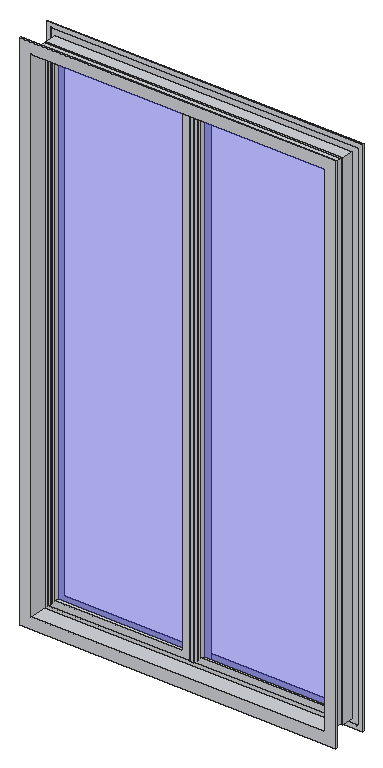
Revit family "1450S_Fixed Single Vertical Rail", category Windows, host Wall, Revit 2023
Family settings
  Host = Wall
  OmniClass Number = 23.30.20.00
  OmniClass Title = Windows
  Always vertical = Yes
  Cut with Voids When Loaded = No
  Shared = No
  Room Calculation Point = No
Parameters
  Left Bay Width = 1' - 3 7/8"
  Height = 5' - 0"
  Glass Material = Glass
  Frame Material = none
  Depth From Exterior = 0' - 2"
  Default Sill Height = 3' - 0"
  Wall Closure = By host
  Width = 3' - 0"
Reference planes (in)
  plane 1 "Center (Front/Back)": y = 0
  plane 2: z = 0
  plane 3 "Center (Left/Right)": x = 0
  plane 4 "Left": x = -18
  plane 5 "Right": x = 18
  plane 6 "Sill": z = 36
  plane 7 "Top": z = 96
  plane 8: y = 3
  plane 9: y = 1
  plane 10: y = -0.637
  plane 11: y = -1
  plane 12: y = 1
  plane 13: y = -1
  plane 14: x = 0.45486
  plane 15: x = 0.28472
  plane 16: x = 16.32986
  plane 17: y = -0.53574
  plane 18: y = -1
  plane 19: y = -0.53574
  plane 20: y = -1
Forms (in)
  Sweep 1, solid
    path origin (0, 0, 0) x (1, 0, 0) y (0, 0, 1)
      loop
        line (18, 36) -> (18, 96) -> (-18, 96) -> (-18, 36) -> (18, 36)
    profile origin (0, 0, 36) x (0, 0, -1) y (0, -1, 0)
      loop
        line (0, -1) -> (0, -0.826) -> (-0.436, -0.826) -> (-0.436, -0.87556) -> (-1.375, -0.87556) -> (-1.375, -0.76809) -> (-1.25514, -0.70535) -> (-1.06266, -0.70535) -> (-1.06266, 0.70402) -> (-1.25259, 0.70402) -> (-1.375, 0.76809) -> (-1.375, 0.875) -> (-1.125, 0.875) -> (-1.125, 2.875) -> (-0.4366, 2.875) -> (-0.4366, 2.826) -> (0, 2.826) -> (0, 3) -> (-1.25, 3) -> (-1.25, 1) -> (-1.625, 1) -> (-1.625, 0.69645) -> (-1.49985, 0.53626) -> (-1.49985, -0.375) -> (-2.29514, -0.375) -> (-1.67014, -1) -> (0, -1)
  Sweep 2, solid, material "Glass" <- "Glass Material"
    path origin (0, 0, 0) x (0, 1, 0) y (0, 0, 1)
      loop
        line (0.375, 37.49985) -> (0.375, 94.50015)
    profile origin (0, 0.375, 66) x (0, -1, 0) y (1, 0, 0)
      loop
        line (0, -16.50015) -> (0.25, -16.50015) -> (0.25, 16.50015) -> (0, 16.50015) -> (0, -16.50015)
      loop
        line (0.75, -16.50015) -> (1, -16.50015) -> (1, 16.50015) -> (0.75, 16.50015) -> (0.75, -16.50015)
  Sweep 3, solid
    path origin (0, 0, 0) x (1, 0, 0) y (0, 0, 1)
      loop
        line (1.6276, 37.67014) -> (1.6276, 94.32986)
    profile origin (1.6276, 0, 66) x (-1, 0, 0) y (0, -1, 0)
      loop
        line (1.34288, -0.375) -> (0.54774, -0.375) -> (1.17274, -1) -> (2.07502, -1) -> (2.70002, -0.375) -> (1.90488, -0.375) -> (1.90488, 1) -> (1.34288, 1) -> (1.34288, -0.375)
  Sweep 4, solid
    path origin (0, 0, 0) x (1, 0, 0) y (0, 0, 1)
      loop
        line (-16.375, 37.625) -> (-0.27728, 37.625) -> (-0.27728, 94.375) -> (-16.375, 94.375) -> (-16.375, 37.625)
    profile origin (-8.32614, 0, 37.625) x (0, 0, 1) y (0, -1, 0)
      loop
        line (0.78358, 1) -> (0, 1) -> (0, 0.53574) -> (0.12826, 0.70064) -> (0.12826, 0.81249) -> (0.21418, 0.81249) -> (0.21418, 0.875) -> (0.36337, 0.875) -> (0.36337, 0.637) -> (0.78358, 0.637) -> (0.78358, 1)
  Sweep 5, solid
    path origin (0, 0, 0) x (1, 0, 0) y (0, 0, 1)
      loop
        line (0.28472, 37.625) -> (16.375, 37.625) -> (16.375, 94.375) -> (0.28472, 94.375) -> (0.28472, 37.625)
    profile origin (8.32986, 0, 37.625) x (0, 0, 1) y (0, -1, 0)
      loop
        line (0.78358, 1) -> (0, 1) -> (0, 0.53574) -> (0.12826, 0.70064) -> (0.12826, 0.81249) -> (0.21418, 0.81249) -> (0.21418, 0.875) -> (0.36337, 0.875) -> (0.36337, 0.637) -> (0.78358, 0.637) -> (0.78358, 1)
Lines and regions (in)
  Opening 1
    outline origin (-60, -3, 0) x (1, 0, 0) y (0, 0, 1)
      loop
        line (42, 96) -> (42, 36) -> (78, 36) -> (78, 96) -> (42, 96)
Text (in)
  text "EXTERIOR" at (-58.6888, 50.90694, 0), in view "Ref. Level"
  text "INTERIOR" at (-58.6888, -37.76638, 0), in view "Ref. Level"
  text "Exterior" at (0, 43.65631, 123.19604), in view "Left"
  text "Exterior" at (0, 18.29385, 125.04747), in view "Right"
Dimensions and locks (in)
  equal spacing: plane 4 "Left", plane 3 "Center (Left/Right)", plane 5 "Right"
  "Height": plane 6 "Sill" to plane 7 "Top"
  "Default Sill Height": plane 2 to plane 6 "Sill"
  "Width": plane 4 "Left" to plane 5 "Right"
  "Depth From Exterior": plane 8 to plane 9
  locked: plane 10 to plane 11 at 0.363
  locked: plane 9 to plane 11 at 2
  locked: plane 12 to plane 13 at 2
  locked: plane 15 to plane 14 at 0.17014
  locked: plane 16 to plane 5 "Right" at 1.67014
  "Left Bay Width": plane 14 to plane 16
  locked: plane 17 to plane 18 at 0.46426
  locked: plane 19 to plane 20 at 0.46426
  aligned and locked: plane 7 "Top" to Opening 1 sketch curve
  aligned and locked: plane 6 "Sill" to Opening 1 sketch curve  (x2)
  aligned and locked: plane 5 "Right" to Opening 1 sketch curve
  aligned and locked: plane 4 "Left" to Opening 1 sketch curve
  aligned and locked: level to plane 2
  aligned and locked: Sweep 1 sketch curve to plane 7 "Top"
  aligned and locked: plane 4 "Left" to Sweep 1 sketch curve
  aligned and locked: plane 6 "Sill" to Sweep 1 sketch curve
  aligned and locked: Sweep 1 sketch curve to plane 5 "Right"
  aligned and locked: Sweep 2 sketch curve to Sweep 1  (x5)
  aligned and locked: plane 8 to host wall
  aligned and locked: plane 9 to Sweep 1
  aligned and locked: plane 11 to Sweep 1
  aligned and locked: Sweep 1 to Sweep 3 sketch curve  (x2)
  aligned and locked: plane 12 to Sweep 3
  aligned and locked: plane 13 to Sweep 3
  aligned and locked: plane 12 to plane 9
  aligned and locked: plane 14 to Sweep 3
  aligned and locked: plane 15 to Sweep 3
  aligned and locked: plane 16 to Sweep 1
  aligned and locked: Sweep 4 sketch curve to Sweep 1  (x3)
  aligned and locked: Sweep 4 sketch curve to Sweep 3
  aligned and locked: plane 17 to Sweep 4
  aligned and locked: plane 18 to Sweep 4
  aligned and locked: plane 18 to plane 13
  aligned and locked: Sweep 5 sketch curve to Sweep 1  (x3)
  aligned and locked: Sweep 5 sketch curve to Sweep 3
  aligned and locked: plane 19 to Sweep 5
  aligned and locked: plane 20 to Sweep 5
  aligned and locked: plane 20 to plane 18
Automatic sketch dimensions
  profile plane to Sweep 1 sketch curve = 0' - 2.29514"
  Sweep 1 sketch curve to Sweep 1 sketch curve = 0' - 0.67014"
  Sweep 1 sketch curve to Sweep 1 sketch curve = 0' - 0.12515"
  Sweep 1 sketch curve to Sweep 1 sketch curve = 0' - 0 1/4"
  Sweep 1 sketch curve to Sweep 1 sketch curve = 0' - 0.12485"
  Sweep 1 sketch curve to Sweep 1 sketch curve = 0' - 0.11986"
  Sweep 1 sketch curve to Sweep 1 sketch curve = 0' - 0.12241"
  Sweep 1 sketch curve to Sweep 1 sketch curve = 0' - 0 3/8"
  Sweep 1 sketch curve to Sweep 1 sketch curve = 0' - 0 1/8"  (x2)
  Sweep 1 sketch curve to Sweep 1 sketch curve = 0' - 0.19248"
  Sweep 1 sketch curve to Sweep 1 sketch curve = 0' - 0.6884"
  Sweep 1 sketch curve to Sweep 1 sketch curve = 0' - 0.62666"
  Sweep 1 sketch curve to Sweep 1 sketch curve = 0' - 0.4366"
  Sweep 1 sketch curve to Sweep 1 sketch curve = 0' - 0.436"
  Sweep 1 sketch curve to plane 1 "Center (Front/Back)" = 0' - 0.87556"
  Sweep 1 sketch curve to Sweep 1 sketch curve = 0' - 0.04956"
  Sweep 1 sketch curve to Sweep 1 sketch curve = 0' - 0.10748"
  Sweep 1 sketch curve to Sweep 1 sketch curve = 0' - 0.06273"
  Sweep 1 sketch curve to Sweep 1 sketch curve = 0' - 0.33035"
  Sweep 1 sketch curve to Sweep 1 sketch curve = 0' - 0.91126"
  Sweep 1 sketch curve to Sweep 1 sketch curve = 0' - 0.16019"
  Sweep 1 sketch curve to Sweep 1 sketch curve = 0' - 0.16776"
  Sweep 1 sketch curve to Sweep 1 sketch curve = 0' - 0.06407"
  Sweep 1 sketch curve to Sweep 1 sketch curve = 0' - 0.17098"
  Sweep 1 sketch curve to Sweep 1 sketch curve = 0' - 1.826"
  Sweep 1 sketch curve to Sweep 1 sketch curve = 0' - 0.049"
  Sweep 1 sketch curve to Sweep 1 sketch curve = 0' - 0.174"  (x2)
  Sweep 1 sketch curve to Sweep 1 sketch curve = 0' - 0.29514"
  Sweep 2 sketch curve to plane 6 "Sill" = 0' - 1.49985"
  plane 7 "Top" to Sweep 2 sketch curve = 0' - 1.49985"
  profile plane to Sweep 2 sketch curve = 0' - 0"
  Sweep 2 sketch curve to Sweep 2 sketch curve = 0' - 0 1/4"  (x2)
  Sweep 2 sketch curve to Sweep 2 sketch curve = 0' - 0 3/4"
  plane 3 "Center (Left/Right)" to Sweep 3 sketch curve = 0' - 1.6276"
  Sweep 3 sketch curve to profile plane = 0' - 0.54774"
  Sweep 3 sketch curve to Sweep 3 sketch curve = 0' - 0 5/8"  (x3)
  Sweep 3 sketch curve to Sweep 3 sketch curve = 0' - 0.17014"  (x2)
  Sweep 3 sketch curve to Sweep 3 sketch curve = 0' - 0.562"
  Sweep 3 sketch curve to Sweep 3 sketch curve = 0' - 0.79514"
  Sweep 3 sketch curve to plane 1 "Center (Front/Back)" = 0' - 1"
  Sweep 3 sketch curve to Sweep 3 sketch curve = 0' - 1 3/8"
  Sweep 4 sketch curve to profile plane = 0' - 0"
  Sweep 4 sketch curve to Sweep 4 sketch curve = 0' - 0.12826"
  Sweep 4 sketch curve to Sweep 4 sketch curve = 0' - 0 11/128"
  Sweep 4 sketch curve to Sweep 4 sketch curve = 0' - 0.14919"
  Sweep 4 sketch curve to Sweep 4 sketch curve = 0' - 0.42021"
  plane 1 "Center (Front/Back)" to Sweep 4 sketch curve = 0' - 0.53574"
  Sweep 4 sketch curve to Sweep 4 sketch curve = 0' - 0.10126"
  Sweep 4 sketch curve to Sweep 4 sketch curve = 0' - 0.1649"
  Sweep 4 sketch curve to Sweep 4 sketch curve = 0' - 0.11185"
  Sweep 4 sketch curve to Sweep 4 sketch curve = 0' - 0 1/16"
  Sweep 4 sketch curve to Sweep 4 sketch curve = 0' - 0 3/16"
  Sweep 5 sketch curve to profile plane = 0' - 0"
  Sweep 5 sketch curve to Sweep 5 sketch curve = 0' - 0.12826"
  Sweep 5 sketch curve to Sweep 5 sketch curve = 0' - 0 11/128"
  Sweep 5 sketch curve to Sweep 5 sketch curve = 0' - 0.14919"
  Sweep 5 sketch curve to Sweep 5 sketch curve = 0' - 0.42021"
  plane 1 "Center (Front/Back)" to Sweep 5 sketch curve = 0' - 0.53574"
  Sweep 5 sketch curve to Sweep 5 sketch curve = 0' - 0.10126"
  Sweep 5 sketch curve to Sweep 5 sketch curve = 0' - 0.1649"
  Sweep 5 sketch curve to Sweep 5 sketch curve = 0' - 0.11185"
  Sweep 5 sketch curve to Sweep 5 sketch curve = 0' - 0 1/16"
  Sweep 5 sketch curve to Sweep 5 sketch curve = 0' - 0 3/16"
